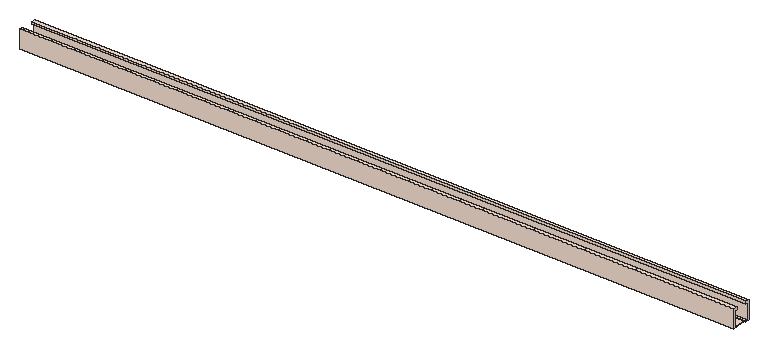
Revit family "nobuchi_cs25", category 機械設備, Revit 2022
Family settings
  丸型コネクタ寸法 = 直径を使用
  種別 = なし
  パーツ タイプ = 標準
  作業面ベース = いいえ
  常に垂直 = はい
  ロード時にボイドで切り取り = いいえ
  注釈の向きを維持 = いいえ
  共有 = いいえ
  部屋計算ポイント = いいえ
Parameters
  製造元 = "株式会社桐井製作所"
  既定の高さ = 0 mm
  URL = "https://www.kirii.co.jp/"
  K_長さ(mm) [instance] = 1000 mm
  K_材質 = "SGCC　一般用"
  K_断面積A(mm2) = 42.7
  K_断面係数Zy(mm3) = 381.2
  K_断面係数Zx(mm3) = 263.7
  K_断面2次半径iy(mm) = 10.6
  K_断面2次半径ix(mm) = 9.4
  K_断面2次モーメントIy(mm4) = 4766
  K_断面2次モーメントIx(mm4) = 3744
  K_外形寸法(mm) = "25×25×0.5"
  K_品名 = "CS-25"
  K_名称 = "野縁"
  K_単位質量(kg/m) = 0.351
  K_ヤング係数E(N/mm2) = 205000
  K_バージョン情報 = "20210524"
  K_めっき付着量 = "Z12"
  K_JIS規格 = "JIS G 3302"
  K_JIS外 [instance] = not(K_JIS)  # no
  K_JIS [instance] = yes
Reference planes
  plane 1 "中心(正面/背面)": y = 0
  plane 2: z = 0
  plane 3 "中心(左/右)": x = 0
  plane 4: z = 25
  plane 5: y = 12.5
  plane 6: y = -12.5
  plane 7: x = 1000
Forms (mm)
  Extrusion 1, solid
    sketch origin (0, 0, 0) x (0, 1, 0) y (0, 0, 1)
      loop
        line (-8.5, 25) -> (-12.5, 25) -> (-12.5, 0) -> (-7.5, 0) -> (-6.73, 0.77) -> (6.73, 0.77) -> (7.5, 0) -> (12.5, 0) -> (12.5, 25) -> (8.5, 25) -> (8.5, 22.3) -> (9, 21.586) -> (9, 24.487) -> (11.978, 24.487) -> (11.978, 0.5) -> (7.707, 0.5) -> (6.937, 1.27) -> (-6.937, 1.27) -> (-7.707, 0.5) -> (-11.978, 0.5) -> (-11.978, 24.487) -> (-9, 24.487) -> (-9, 21.586) -> (-8.5, 22.3) -> (-8.5, 25)
    from 0 to 1000
  Extrusion 2, void
    sketch origin (0, 0, 0) x (0, 1, 0) y (0, 0, 1)
      loop
        line (-9.248, 22.301) -> (-9.248, 21.249) -> (9.354, 21.249) -> (9.354, 22.301) -> (-9.248, 22.301)
    from 0 to 1000
Cuts and joins
  Extrusion 2 cuts Extrusion 1
Dimensions and locks
  "K_長さ(mm)": plane 7 to plane 3 "中心(左/右)"
  aligned and locked: level to plane 2
  aligned and locked: Extrusion 2 to Extrusion 1
  aligned and locked: plane 7 to cut or joined group of Extrusion 1, Extrusion 2
Automatic sketch dimensions
  Extrusion 1 sketch curve to level = 0 mm  (x2)
  Extrusion 1 sketch curve to plane 6 = 0 mm
  Extrusion 1 sketch curve to plane 4 = 0 mm  (x2)
  Extrusion 1 sketch curve to plane 5 = 0 mm
  plane 6 to Extrusion 1 sketch curve = 0.521 mm
  Extrusion 1 sketch curve to plane 4 = 0.513 mm  (x2)
  Extrusion 1 sketch curve to Extrusion 1 sketch curve = 2.979 mm
  Extrusion 1 sketch curve to Extrusion 1 sketch curve = 0.5 mm  (x2)
  level to Extrusion 1 sketch curve = 0.5 mm  (x2)
  Extrusion 1 sketch curve to Extrusion 1 sketch curve = 4.271 mm
  Extrusion 1 sketch curve to Extrusion 1 sketch curve = 0.207 mm  (x4)
  Extrusion 1 sketch curve to Extrusion 1 sketch curve = 0.77 mm  (x2)
  level to Extrusion 1 sketch curve = 0.77 mm
  Extrusion 1 sketch curve to plane 5 = 5.77 mm
  level to Extrusion 1 sketch curve = 1.27 mm
  Extrusion 1 sketch curve to Extrusion 1 sketch curve = 4 mm
  Extrusion 1 sketch curve to plane 5 = 0.521 mm
  Extrusion 1 sketch curve to Extrusion 1 sketch curve = 2.901 mm
  Extrusion 1 sketch curve to plane 4 = 3.414 mm
  Extrusion 1 sketch curve to Extrusion 1 sketch curve = 0.714 mm  (x2)
  plane 6 to Extrusion 2 sketch curve = 3.252 mm
  Extrusion 2 sketch curve to plane 5 = 3.145 mm
  Extrusion 2 sketch curve to plane 4 = 3.751 mm
  Extrusion 2 sketch curve to Extrusion 2 sketch curve = 1.052 mm
